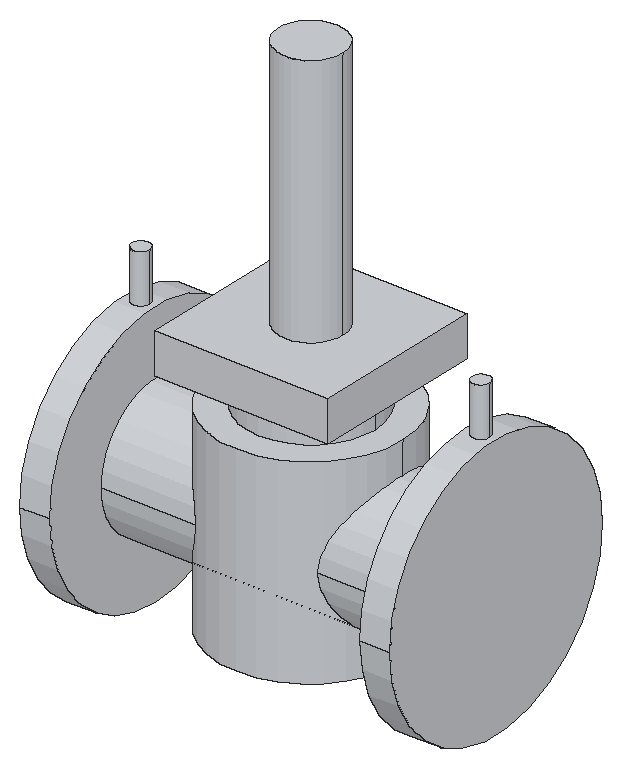
Revit family "OPTIMA_Compact_FLANGE_PN16_DN050-HF_RFA_2018", category Pipe Accessories, Revit 2018
Family settings
  Round Connector Dimension = Use Diameter
  Part Type = Valve - Breaks Into
  Work Plane-Based = No
  Always vertical = Yes
  Cut with Voids When Loaded = No
  Shared = No
Parameters (values of type "Optima Compact Flange PN16 DN050 HF")
  magiProductId = "Frese Optima Flange DN050 HF"
  magiProductFamilyId = "Frese Optima Flange *"
  magiPartTypeId = 304
  isMeasuringValve [instance] = no
  ang2D [instance] = 0.00°
  W2D = 50 mm
  VersionID = "2.0/2018.8.28.1/FRESE_OPTIMA_FLANGE_Q13_002"
  Use Minimum Symbol Size [instance] = yes
  URL = "www.hydronix.cz"
  Type Comments = "Přírubový; PN16; 0~120°C, s měřením"
  R4 = 40.25 mm
  R3 = 42.9 mm
  R1 = 57.5 mm
  QmdConnectorList = "301;D;302;D"
  Productdata [instance] = ""
  Manufacturer = "Hydronix"
  MC Product Code = "53-1210 (DN50 HF; 20mm; pohon min 1000N; Qmin-dpmin 3900l/h-19.0kPa; Qmax-dpmin 24000l/h-50.0kPa; dpmax 800kPa)"
  MC Piping Given Pressure Drop [instance] = 0.0 Pa
  LF__ve = -LF  # -18.4 mm
  LF2 = 9.2 mm
  LF = 18.4 mm
  L4 = 108.1 mm
  L3 = 193.2 mm
  L2D_Min = 3048 mm
  L2D = 230 mm
  L2 = 115 mm
  H6 = 157.25 mm
  H4 = 24.75 mm
  H3 = 20.625 mm
  H2 = 61.875 mm
  H1 = 123.75 mm
  Description = "Tlakově nezávislý 2-cestný regulační vyvažovací ventil (PICV)"
  DF2 = 82.5 mm
  D = 50 mm
  CAT0 = yes
Types (14, lengths in mm): name | magiProductId | magiProductFamilyId | W2D | Type Comments | R4 | R3 | R1 | MC Product Code | LF__ve | LF2 | LF | L4 | L3 | L2D | L2 | H6 | H4 | H3 | H2 | H1 | DF2 | D
  Optima Compact Flange PN16 DN050 LF | "Frese Optima Flange DN050 LF" | "Frese Optima Flange *" | 50 | "Přírubový; PN16; 0~120°C, s měřením" | 40.3 | 42.9 | 57.5 | "53-1200 (DN50 LF; 20mm; pohon min 1000N; Qmin-dpmin 2500l/h-6.5kPa; Qmax-dpmin 15000l/h-20.0kPa; dpmax 800kPa)" | -18.4 | 9.2 | 18.4 | 108.1 | 193.2 | 230 | 115 | 157.3 | 24.8 | 20.6 | 61.9 | 123.8 | 82.5 | 50
  Optima Compact Flange PN16 DN050 HF | "Frese Optima Flange DN050 HF" | "Frese Optima Flange *" | 50 | "Přírubový; PN16; 0~120°C, s měřením" | 40.25 | 42.9 | 57.5 | "53-1210 (DN50 HF; 20mm; pohon min 1000N; Qmin-dpmin 3900l/h-19.0kPa; Qmax-dpmin 24000l/h-50.0kPa; dpmax 800kPa)" | -18.4 | 9.2 | 18.4 | 108.1 | 193.2 | 230 | 115 | 157.25 | 24.75 | 20.625 | 61.875 | 123.75 | 82.5 | 50
  Optima Compact Flange PN16 DN065 LF | "Frese Optima Flange DN065 LF" | "Frese Optima Flange *" | 50 | "Přírubový; PN16; 0~120°C, s měřením" | 50.75 | 48.1 | 72.5 | "53-1201 (DN65 LF; 20mm; pohon min 1000N; Qmin-dpmin 4400l/h-15.0kPa; Qmax-dpmin 25000l/h-25.0kPa; dpmax 800kPa)" | -23.2 | 11.6 | 23.2 | 136.3 | 243.6 | 230 | 145 | 171.25 | 27.75 | 23.125 | 69.375 | 138.75 | 92.5 | 65
  Optima Compact Flange PN16 DN065 HF | "Frese Optima Flange DN065 HF" | "Frese Optima Flange *" | 50 | "Přírubový; PN16; 0~120°C, s měřením" | 50.75 | 48.1 | 72.5 | "53-1211 (DN65 HF; 20mm; pohon min 1000N; Qmin-dpmin 6000l/h-30.0kPa; Qmax-dpmin 35000l/h-55.0kPa; dpmax 800kPa)" | -23.2 | 11.6 | 23.2 | 136.3 | 243.6 | 230 | 145 | 171.25 | 27.75 | 23.125 | 69.375 | 138.75 | 92.5 | 65
  Optima Compact Flange PN16 DN080 LF | "Frese Optima Flange DN080 LF" | "Frese Optima Flange *" | 50 | "Přírubový; PN16; 0~120°C, s měřením" | 54.25 | 52 | 77.5 | "53-1202 (DN80 LF; 20mm; pohon min 1000N; Qmin-dpmin 5300l/h-16.0kPa; Qmax-dpmin 34000l/h-25.0kPa; dpmax 800kPa)" | -24.8 | 12.4 | 24.8 | 145.7 | 260.4 | 230 | 155 | 183 | 30 | 25 | 75 | 150 | 100 | 80
  Optima Compact Flange PN16 DN080 HF | "Frese Optima Flange DN080 HF" | "Frese Optima Flange *" | 50 | "Přírubový; PN16; 0~120°C, s měřením" | 54.25 | 52 | 77.5 | "53-1212 (DN80 HF; 20mm; pohon min 1000N; Qmin-dpmin 7000l/h-23.0kPa; Qmax-dpmin 43000l/h-50.0kPa; dpmax 800kPa)" | -24.8 | 12.4 | 24.8 | 145.7 | 260.4 | 230 | 155 | 183 | 30 | 25 | 75 | 150 | 100 | 80
  Optima Compact Flange PN16 DN100 LF | "Frese Optima Flange DN100 LF" | "Frese Optima Flange *" | 50 | "Přírubový; PN16; 0~120°C, s měřením" | 61.25 | 61.1 | 87.5 | "53-1203 (DN100 LF; 40mm; pohon min 1000N; Qmin-dpmin 12100l/h-20.0kPa; Qmax-dpmin 68000l/h-35.0kPa; dpmax 800kPa)" | -28 | 14 | 28 | 164.5 | 294 | 230 | 175 | 268.75 | 35.25 | 29.375 | 88.125 | 176.25 | 117.5 | 100
  Optima Compact Flange PN16 DN100 HF | "Frese Optima Flange DN100 HF" | "Frese Optima Flange *" | 50 | "Přírubový; PN16; 0~120°C, s měřením" | 61.25 | 61.1 | 87.5 | "53-1213 (DN100 HF; 40mm; pohon min 1000N; Qmin-dpmin 14800l/h-30.0kPa; Qmax-dpmin 90000l/h-75.0kPa; dpmax 800kPa)" | -28 | 14 | 28 | 164.5 | 294 | 230 | 175 | 268.75 | 35.25 | 29.375 | 88.125 | 176.25 | 117.5 | 100
  Optima Compact Flange PN16 DN125 LF | "Frese Optima Flange DN125 LF" | "Frese Optima Flange *" | 50 | "Přírubový; PN16; 0~120°C, s měřením" | 70 | 70.2 | 100 | "53-1204 (DN125 LF; 40mm; pohon min 1000N; Qmin-dpmin 18500l/h-16.0kPa; Qmax-dpmin 110000l/h-35.0kPa; dpmax 800kPa)" | -32 | 16 | 32 | 188 | 336 | 230 | 200 | 275.5 | 40.5 | 33.75 | 101.25 | 202.5 | 135 | 125
  Optima Compact Flange PN16 DN125 HF | "Frese Optima Flange DN125 HF" | "Frese Optima Flange *" | 50 | "Přírubový; PN16; 0~120°C, s měřením" | 70 | 70.2 | 100 | "53-1214 (DN125 HF; 40mm; pohon min 1000N; Qmin-dpmin 23000l/h-27.0kPa; Qmax-dpmin 135000l/h-53.0kPa; dpmax 800kPa)" | -32 | 16 | 32 | 188 | 336 | 230 | 200 | 275.5 | 40.5 | 33.75 | 101.25 | 202.5 | 135 | 125
  Optima Compact Flange PN16 DN150 LF | "Frese Optima Flange DN150 LF" | "Frese Optima Flange *" | 50 | "Přírubový; PN16; 0~110°C, s měřením" | 84 | 74.1 | 120 | "53-1205 (DN150 LF; 43mm; pohon min 1500N; Qmin-dpmin 25600l/h-21.0kPa; Qmax-dpmin 148000l/h-35.0kPa; dpmax 800kPa)" | -38.4 | 19.2 | 38.4 | 225.6 | 403.2 | 230 | 240 | 279.25 | 42.75 | 35.625 | 106.875 | 213.75 | 142.5 | 150
  Optima Compact Flange PN16 DN150 HF | "Frese Optima Flange DN150 HF" | "Frese Optima Flange *" | 50 | "Přírubový; PN16; 0~110°C, s měřením" | 84 | 74.1 | 120 | "53-1215 (DN150 HF; 43mm; pohon min 1500N; Qmin-dpmin 32000l/h-33.0kPa; Qmax-dpmin 195000l/h-65.0kPa; dpmax 800kPa)" | -38.4 | 19.2 | 38.4 | 225.6 | 403.2 | 230 | 240 | 279.25 | 42.75 | 35.625 | 106.875 | 213.75 | 142.5 | 150
  Optima Compact Flange PN16 DN200 LF | "" | "" | 100 | "Přírubový; PN16; 0~110°C, s měřením" | 164.5 | 98.8 | 235 | "53-1206 (DN200 LF; 43mm; pohon min 1500N; Qmin-dpmin 95000l/h-11.0kPa; Qmax-dpmin 210000l/h-32.0kPa; dpmax 800kPa)" | -48 | 24 | 48 | 282 | 504 | 350 | 300 | 281 | 57 | 15 | 209 | 380 | 190 | 200
  Optima Compact Flange PN16 DN200 HF | "" | "" | 100 | "Přírubový; PN16; 0~110°C, s měřením" | 164.5 | 98.8 | 235 | "53-1216 (DN200 HF; 43mm; pohon min 1500N; Qmin-dpmin 130000l/h-31.0kPa; Qmax-dpmin 280000l/h-78.0kPa; dpmax 800kPa)" | -48 | 24 | 48 | 282 | 504 | 350 | 300 | 281 | 57 | 15 | 209 | 380 | 190 | 200
Reference planes
  plane 1 "Center (Front/Back)": y = 0
  plane 2 "XYPLANE": z = 0
  plane 3 "Center (Left/Right)": x = 0
  plane 4 "157": x = 105.8
  plane 5 "156": x = -105.8
  plane 6 "155": z = 82.5
  plane 7 "154": z = 107.25
  plane 8 "153": z = 82.5
  plane 9 "152": z = 61.875
  plane 10 "151": x = -96.6
  plane 11 "150": z = -61.875
  plane 12 "149": x = 0
  plane 13 "148": y = 0
  plane 14 "147": z = 0
  plane 15 "146": x = -115
  plane 16 "145": x = 115
Forms (mm)
  Extrusion 1, solid, visible <- "CAT0"
    sketch origin (-750, 0, 82.5) x (1, 0, 0) y (0, 1, 0)
      loop
        circle (855.8, 0) r 5.5
    from 0 to 30
  Extrusion 2, solid, visible <- "CAT0"
    sketch origin (-750, 0, 82.5) x (1, 0, 0) y (0, 1, 0)
      loop
        circle (644.2, 0) r 5.5
    from 0 to 30
  Extrusion 3, solid, visible <- "CAT0"
    sketch origin (-750, 0, 107.25) x (1, 0, 0) y (0, 1, 0)
      loop
        circle (750, 0) r 20
    from 0 to 157.25 <- "H6"
  Extrusion 4, solid, visible <- "CAT0"
    sketch origin (-750, 0, 82.5) x (1, 0, 0) y (0, 1, 0)
      loop
        line (804.05, 54.05) -> (695.95, 54.05) -> (695.95, -54.05) -> (804.05, -54.05) -> (804.05, 54.05)
    from 0 to 24.75 <- "H4"
  Extrusion 5, solid, visible <- "CAT0"
    sketch origin (-750, 0, 61.875) x (1, 0, 0) y (0, 1, 0)
      loop
        circle (750, 0) r 40.25
    from 0 to 20.625 <- "H3"
  Extrusion 6, solid, visible <- "CAT0"
    sketch origin (-96.6, -750, 0) x (0, 1, 0) y (0, 0, 1)
      loop
        circle (750, 0) r 42.9
    from 0 to 193.2 <- "L3"
  Extrusion 7, solid, visible <- "CAT0"
    sketch origin (-750, 0, -61.875) x (1, 0, 0) y (0, 1, 0)
      loop
        circle (750, 0) r 57.5
    from 0 to 123.75 <- "H1"
  Extrusion 8, solid, visible <- "CAT0"
    sketch origin (-115, -750, 0) x (0, 1, 0) y (0, 0, 1)
      loop
        circle (750, 0) r 82.5
    from 0 to 18.4 <- "LF"
  Extrusion 9, solid, visible <- "CAT0"
    sketch origin (115, -750, 0) x (0, 1, 0) y (0, 0, 1)
      loop
        circle (750, 0) r 82.5
    from 0 to -18.4 <- "LF__ve"
  Extrusion 10, solid, not visible
    sketch origin (-115, -750, 0) x (0, 1, 0) y (0, 0, 1)
      loop
        circle (750, 0) r 10
    from 0 to 10
  Extrusion 11, solid, not visible
    sketch origin (115, -750, 0) x (0, 1, 0) y (0, 0, 1)
      loop
        circle (750, 0) r 10
    from 0 to -10
Lines and regions (mm)
  reference lines, not visible
    curve 1: circle (2, 2, 0) r 1 normal (0, 0, 1)
  reference lines
    curve 2: circle (0, 0, 82.5) r 1 normal (0, 0, 1)
Dimensions and locks
  plane 1 "Center (Front/Back)" to curve 1 = 2 mm
  "LF2": plane 16 "145" to plane 4 "157"
  "LF2": plane 15 "146" to plane 5 "156"
  "DF2": plane 2 "XYPLANE" to plane 6 "155"
  "H4": plane 8 "153" to plane 7 "154"
  "H3": plane 9 "152" to plane 8 "153"
  "H1": plane 11 "150" to plane 9 "152"
  "LF": plane 15 "146" to plane 10 "151"
  "H2": plane 2 "XYPLANE" to plane 11 "150"
  locked: plane 3 "Center (Left/Right)" to plane 12 "149"
  locked: plane 1 "Center (Front/Back)" to plane 13 "148"
  locked: plane 2 "XYPLANE" to plane 14 "147"
  "L2": plane 3 "Center (Left/Right)" to plane 15 "146"
  "L2": plane 3 "Center (Left/Right)" to plane 16 "145"
  equal spacing: Extrusion 4 sketch curve, curve 2, Extrusion 4 sketch curve  (x2)
  "L4": Extrusion 4 sketch curve to Extrusion 4 sketch curve  (x2)
  Extrusion 4 sketch curve to Extrusion 4 sketch curve = 0 mm  (x8)
  "R4": radius of Extrusion 5 sketch curve
  "R3": radius of Extrusion 6 sketch curve
  "R1": radius of Extrusion 7 sketch curve
  "DF2": radius of Extrusion 8 sketch curve
  "DF2": radius of Extrusion 9 sketch curve
  aligned and locked: level to plane 2 "XYPLANE"
  aligned and locked: plane 4 "157" to Extrusion 1 sketch curve
  aligned and locked: plane 13 "148" to Extrusion 1 sketch curve
  aligned and locked: plane 5 "156" to Extrusion 2 sketch curve
  aligned and locked: plane 13 "148" to Extrusion 2 sketch curve
  aligned and locked: plane 12 "149" to Extrusion 3 sketch curve
  aligned and locked: plane 13 "148" to Extrusion 3 sketch curve
  aligned and locked: plane 12 "149" to curve 2
  aligned and locked: plane 13 "148" to curve 2
  aligned and locked: plane 12 "149" to Extrusion 5 sketch curve
  aligned and locked: plane 13 "148" to Extrusion 5 sketch curve
  aligned and locked: Extrusion 6 sketch curve to plane 13 "148"
  aligned and locked: plane 14 "147" to Extrusion 6 sketch curve
  aligned and locked: plane 12 "149" to Extrusion 7 sketch curve
  aligned and locked: plane 13 "148" to Extrusion 7 sketch curve
  aligned and locked: Extrusion 8 sketch curve to plane 13 "148"
  aligned and locked: plane 14 "147" to Extrusion 8 sketch curve
  aligned and locked: Extrusion 9 sketch curve to plane 13 "148"
  aligned and locked: plane 14 "147" to Extrusion 9 sketch curve
  aligned and locked: Extrusion 10 sketch curve to plane 13 "148"
  aligned and locked: plane 14 "147" to Extrusion 10 sketch curve
  aligned and locked: Extrusion 11 sketch curve to plane 13 "148"
  aligned and locked: plane 14 "147" to Extrusion 11 sketch curve
Automatic sketch dimensions
  Extrusion 1 sketch curve to plane 4 "157" = 5.5 mm
  plane 15 "146" to Extrusion 2 sketch curve = 3.7 mm
  Extrusion 3 sketch curve to plane 3 "Center (Left/Right)" = 20 mm
  plane 1 "Center (Front/Back)" to Extrusion 10 sketch curve = 10 mm
  plane 1 "Center (Front/Back)" to Extrusion 11 sketch curve = 10 mm
  plane 3 "Center (Left/Right)" to curve 1 = 2 mm
  plane 10 "151" to Extrusion 4 sketch curve = 42.55 mm
  plane 1 "Center (Front/Back)" to Extrusion 4 sketch curve = 54.05 mm
  radius of curve 2 = 1 mm
  radius of curve 1 = 1 mm
Connectors
  piping at (-115, 0, 0), diameter 50, driven by "D"
    settings: on Extrusion 10, index 1, connector inside diameter 609.6 mm, connector length 0 mm, flow factor 0, pipe flow 0.0 L/s, pressure drop 0.0 Pa, fitting loss kfactor 0, connector angle 0.00°, fixture units 0, engagement length 0 mm, angle of deflection 0.00°, flow configuration 0, flow direction 0, fitting loss method 0, system type 29, joint type 0, gender type 0, connector reference index 2, connector utility 0, adjustable connector no, is connector primary yes, connector description ""
  piping at (115, 0, 0), diameter 50, driven by "D"
    settings: on Extrusion 11, index 2, connector inside diameter 609.6 mm, connector length 0 mm, flow factor 0, pipe flow 0.0 L/s, pressure drop 0.0 Pa, fitting loss kfactor 0, connector angle 0.00°, fixture units 0, engagement length 0 mm, angle of deflection 0.00°, flow configuration 0, flow direction 0, fitting loss method 0, system type 29, joint type 0, gender type 0, connector reference index 1, connector utility 0, adjustable connector no, is connector primary no, connector description ""
